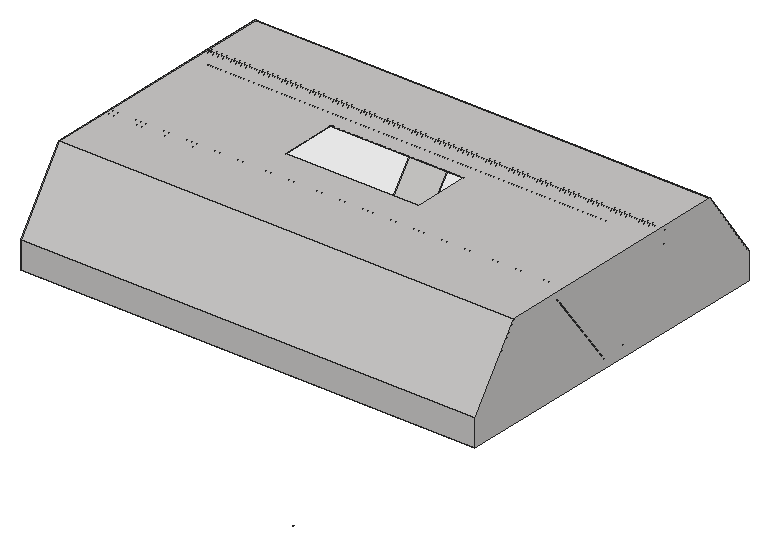
Revit family "QF_ELECTROLUXPROFESSIONAL_642359_BC1824DT", category Attrezzature speciali, Revit 2021
Family settings
  Quota connettore circolare = Usa diametro
  Tipo di parte = Normale
  Basato su piano di lavoro = No
  Sempre verticale = Sì
  Taglio con vuoti quando caricato = No
  Condiviso = No
  Punto di calcolo locali = No
Parameters (values of type "Standard")
  Weight = 82.00 kg
  Watts = 0 W
  Volts = 0 V
  URL Manufacturer = "https://www.electroluxprofessional.com/"
  URL = "https://www.electroluxprofessional.com/"
  Steam Supply Size = 0 mm
  Steam Supply Minimum Pressure = 0.0 Pa
  Steam Supply Maximum Pressure = 0.0 Pa
  Steam Consumption per Hour = 0
  Refrigeration Suction Line Size = 0 mm
  Refrigeration Liquid Line Size = 0 mm
  Refrigerant Compressor Remote = yes
  Prospetto di default = 0 mm
  Produttore = "Electrolux Professional"
  Phase = 0
  Modello = "BC1824DT"
  Length Actual = 2400 mm  # constant formula
  Item Number = "642359"
  Hot Water Size = 0 mm
  Height Actual = 500 mm  # constant formula
  HP = "0 HP"
  Gas Size = 0 mm
  Gas KW = 0
  Gas Input Pressure = 0 W
  Direct Waste Size = 0 mm
  Descrizione = "304 S/S ISLAND HOOD+FILTERS 2400X1800MM"
  Depth Actual = 1800 mm  # constant formula
  Cycle = 0 Hz
  Condensate Return Size = 0 mm
  Compressed Air Volume = 0.0 L/s
  Compressed Air Size = 0 mm
  Compressed Air Pressure = 0.0 Pa
  Cold Water Size = 0 mm
  Accessory = yes
Reference planes
  plane 1: z = 0
  plane 2 "Center (Left/Right)": x = 150
  plane 3 "LEFT": x = -1050
  plane 4 "RIGHT": x = 1350
  plane 5 "BACK": y = 550
  plane 6 "TOP": z = 2500
  plane 7 "Base": z = 2000
  plane 8: z = 1946
  plane 9: x = -1047
  plane 10 "DrainX": x = 1199
  plane 11 "AOLeft2": x = 450
  plane 12: x = 1347
  plane 13: x = -850
  plane 14: x = 1150
  plane 15: x = 50
  plane 16: x = 250
  plane 17 "AOLeft1": x = -250
  plane 18: y = -200
  plane 19: y = -500
  plane 20 "Center (Front/Back)": y = -350
  plane 21: y = -1250
  plane 22: through (0, -401.379, 2046.209) normal (0, 0.8019, 0.5974)
  plane 23: through (0, -298.621, 2046.209) normal (0, 0.8019, -0.5974)
  plane 24: z = 2140
Forms (mm)
  Extrusion 1, solid, material "QF_Finishes_Stainless Steel"
    sketch origin (-1050, 0, 360) x (0, 1, 0) y (0, 0, 1)
      loop
        line (550, 1640) -> (550, 1780) -> (299.446, 2140) -> (-999.446, 2140) -> (-1250, 1780) -> (-1250, 1640) -> (550, 1640)
    from 0 to 3
  Extrusion 2, solid, material "QF_Finishes_Stainless Steel"
    sketch origin (1350, 0, 360) x (0, 1, 0) y (0, 0, 1)
      loop
        line (550, 1640) -> (550, 1780) -> (299.446, 2140) -> (-999.446, 2140) -> (-1250, 1780) -> (-1250, 1640) -> (550, 1640)
    from 0 to -3
  Extrusion 3, solid, material "QF_Finishes_Stainless Steel"
    sketch origin (150, 0, 360) x (0, 1, 0) y (0, 0, 1)
      loop
        line (-999.446, 2140) -> (-1250, 1780) -> (-1250, 1640) -> (-1240, 1640) -> (-1240, 1640.8) -> (-1249.2, 1640.8) -> (-1249.2, 1779.739) -> (-999.025, 2139.19) -> (299.025, 2139.19) -> (549.2, 1779.739) -> (549.2, 1640.8) -> (540, 1640.8) -> (540, 1640) -> (550, 1640) -> (550, 1780) -> (299.446, 2140) -> (-999.446, 2140)
    from -1200 to 1200
  Extrusion 4, void
    sketch origin (0, 0, 2500) x (0, 1, 0) y (-1, 0, 0)
      loop
        line (-200, -450) -> (-200, 250) -> (-500, 250) -> (-500, -450) -> (-200, -450)
    from 0 to -10
  Extrusion 5, solid, material "QF_Finishes_Stainless Steel"
    sketch origin (0, 0, 0) x (1, 0, 0) y (0, 1, 0)
      loop
        line (-1050, 550) -> (-1050, 549) -> (-1049, 549) -> (-1049, 550) -> (-1050, 550)
    from 0 to 1
  Extrusion 6, solid, material "QF_Finishes_Stainless Steel"
    sketch origin (150, -400, 360) x (0, 1, 0) y (0, 0, 1)
      loop
        line (-298.883, 2085.553) -> (-1.379, 1686.209) -> (14.66, 1698.157) -> (-282.844, 2097.501) -> (-298.883, 2085.553)
      loop
        line (398.883, 2085.553) -> (382.844, 2097.501) -> (85.34, 1698.157) -> (101.379, 1686.209) -> (398.883, 2085.553)
    from -1000 to -1197
  Extrusion 7, solid, material "QF_Finishes_Stainless Steel"
    sketch origin (150, -400, 360) x (0, 1, 0) y (0, 0, 1)
      loop
        arc (116.056, 1704.554) -> (115.455, 1704.706) -> (114.923, 1704.389) r 0.81
        line (114.923, 1704.389) -> (100.465, 1684.991) -> (83.389, 1687.002) -> (86.391, 1712.615) -> (85.593, 1712.708) -> (82.594, 1687.095)
        arc (82.594, 1687.095) -> (82.763, 1686.499) -> (83.305, 1686.197) r 0.81
        line (83.305, 1686.197) -> (100.372, 1684.196)
        arc (100.372, 1684.196) -> (100.787, 1684.257) -> (101.116, 1684.517) r 0.81
        line (101.116, 1684.517) -> (115.564, 1703.911) -> (126.308, 1695.919) -> (100.145, 1660.79) -> (-0.145, 1660.79) -> (-26.308, 1695.919) -> (-15.564, 1703.911) -> (-1.116, 1684.517)
        arc (-1.116, 1684.517) -> (-0.787, 1684.257) -> (-0.372, 1684.196) r 0.81
        line (-0.372, 1684.196) -> (16.695, 1686.197)
        arc (16.695, 1686.197) -> (17.237, 1686.499) -> (17.406, 1687.095) r 0.81
        line (17.406, 1687.095) -> (14.407, 1712.708) -> (13.609, 1712.615) -> (16.611, 1687.002) -> (-0.465, 1684.991) -> (-14.923, 1704.389)
        arc (-14.923, 1704.389) -> (-15.455, 1704.706) -> (-16.056, 1704.554) r 0.81
        line (-16.056, 1704.554) -> (-26.786, 1696.561)
        arc (-26.786, 1696.561) -> (-27.103, 1696.028) -> (-26.951, 1695.427) r 0.81
        line (-26.951, 1695.427) -> (-0.843, 1660.381)
        arc (-0.843, 1660.381) -> (-0.5, 1660.093) -> (-0.063, 1659.99) r 0.972
        line (-0.063, 1659.99) -> (100.049, 1659.99)
        arc (100.049, 1659.99) -> (100.498, 1660.096) -> (100.851, 1660.393) r 1
        line (100.851, 1660.393) -> (126.951, 1695.427)
        arc (126.951, 1695.427) -> (127.103, 1696.028) -> (126.786, 1696.561) r 0.81
        line (126.786, 1696.561) -> (116.056, 1704.554)
      loop
        line (-292.735, 2139.19) -> (-292.735, 2129.205) -> (-317.587, 2110.686)
        arc (-317.587, 2110.686) -> (-317.904, 2110.153) -> (-317.752, 2109.552) r 0.81
        line (-317.752, 2109.552) -> (-284.894, 2065.446) -> (-295.625, 2057.438) -> (-295.147, 2056.796) -> (-284.418, 2064.79)
        arc (-284.418, 2064.79) -> (-284.1, 2065.322) -> (-284.252, 2065.923) r 0.81
        line (-284.252, 2065.923) -> (-317.117, 2110.038) -> (-291.935, 2128.798) -> (-291.935, 2138.4) -> (-262.776, 2138.4) -> (-262.776, 2070.563) -> (-261.976, 2069.49) -> (-261.976, 2139.19) -> (-292.735, 2139.19)
      loop
        line (392.735, 2139.19) -> (361.976, 2139.19) -> (361.976, 2069.49) -> (362.776, 2070.563) -> (362.776, 2138.4) -> (391.935, 2138.4) -> (391.935, 2128.798) -> (417.117, 2110.038) -> (384.252, 2065.923)
        arc (384.252, 2065.923) -> (384.1, 2065.322) -> (384.418, 2064.79) r 0.81
        line (384.418, 2064.79) -> (395.147, 2056.796) -> (395.625, 2057.438) -> (384.894, 2065.446) -> (417.752, 2109.552)
        arc (417.752, 2109.552) -> (417.904, 2110.153) -> (417.587, 2110.686) r 0.81
        line (417.587, 2110.686) -> (392.735, 2129.205) -> (392.735, 2139.19)
    from -1197 to 1197
  Extrusion 8, solid, material "QF_Finishes_Stainless Steel"
    sketch origin (150, -400, 360) x (0, 1, 0) y (0, 0, 1)
      loop
        line (-298.883, 2085.553) -> (-1.379, 1686.209) -> (14.66, 1698.157) -> (-282.844, 2097.501) -> (-298.883, 2085.553)
      loop
        line (398.883, 2085.553) -> (382.844, 2097.501) -> (85.34, 1698.157) -> (101.379, 1686.209) -> (398.883, 2085.553)
    from 1197 to 1000
  Extrusion 9, solid, material "QF_Finishes_Stainless Steel"
    sketch origin (150, -400, 360) x (0, 1, 0) y (0, 0, 1)
      loop
        line (-298.883, 2085.553) -> (-1.379, 1686.209) -> (14.66, 1698.157) -> (-282.844, 2097.501) -> (-298.883, 2085.553)
      loop
        line (398.883, 2085.553) -> (382.844, 2097.501) -> (85.34, 1698.157) -> (101.379, 1686.209) -> (398.883, 2085.553)
    from -100 to 100
  Extrusion 10, solid, material "QF_Finished_Chrome"
    sketch origin (150, -400, 360) x (0, 1, 0) y (0, 0, 1)
      loop
        line (-298.883, 2085.553) -> (-1.379, 1686.209) -> (14.66, 1698.157) -> (-282.844, 2097.501) -> (-298.883, 2085.553)
      loop
        line (398.883, 2085.553) -> (382.844, 2097.501) -> (85.34, 1698.157) -> (101.379, 1686.209) -> (398.883, 2085.553)
    from -1000 to -100
  Extrusion 11, solid, material "QF_Finished_Chrome"
    sketch origin (150, -400, 360) x (0, 1, 0) y (0, 0, 1)
      loop
        line (-298.883, 2085.553) -> (-1.379, 1686.209) -> (14.66, 1698.157) -> (-282.844, 2097.501) -> (-298.883, 2085.553)
      loop
        line (398.883, 2085.553) -> (382.844, 2097.501) -> (85.34, 1698.157) -> (101.379, 1686.209) -> (398.883, 2085.553)
    from 100 to 1000
  Sweep 12, solid, material "QF_Finishes_Stainless Steel"
    path origin (0, 0, 0) x (1, 0, 0) y (0, 1, 0)
      loop
        line (1350, 550) -> (-1050, 550) -> (-1050, -1250) -> (1350, -1250) -> (1350, 550)
    profile origin (1350, -350, 0) x (1, 0, 0) y (0, 0, 1)
      loop
        line (-3, 2000) -> (-3, 2000.8) -> (-19, 2000.8) -> (-19, 2010) -> (-20, 2010) -> (-20, 2000) -> (-3, 2000)
  Extrusion 13, solid, material "QF_Finishes_Stainless Steel"
    sketch origin (1199, 0, 0) x (0, 1, 0) y (0, 0, 1)
      loop
        arc (-318.5, 1946) -> (-311.429, 1948.929) -> (-308.5, 1956) r 10
        line (-308.5, 1956) -> (-308.5, 2000.8) -> (-391.5, 2000.8) -> (-391.5, 1956)
        arc (-391.5, 1956) -> (-388.571, 1948.929) -> (-381.5, 1946) r 10
        line (-381.5, 1946) -> (-318.5, 1946)
    from -90 to 90
  Extrusion 14, solid, material "QF_Finishes_Stainless Steel"
    sketch origin (0, -1100, 2000) x (0, 1, 0) y (-1, 0, 0)
      loop
        circle (750, -1199) r 6.35
    from -3.799 to 0
Cuts and joins
  Extrusion 4 cuts Extrusion 3
  joined: Extrusion 2, Extrusion 3, Sweep 12
Lines and regions (mm)
  symbolic lines, style "SpecialityEquipment", detail levels coarse
    curve 1: line (1350, 550, 2500) -> (-1050, 550, 2500)
    curve 2: line (-1050, 550, 2500) -> (-1050, -1250.8, 2500)
    curve 3: line (1350, -1250.8, 2500) -> (1350, 550, 2500)
    curve 4: line (-1050, 299.025, 0) -> (1349.504, -999.025, 0)
    curve 5: line (1349.568, 299.025, 0) -> (-1050, -999.025, 0)
  symbolic lines, detail levels coarse
    curve 6: line (-250, -500, 0) -> (450, -500, 0)
    curve 7: line (-250, -200, 0) -> (-250, -500, 0)
    curve 8: line (450, -200, 0) -> (-250, -200, 0)
    curve 9: line (450, -500, 0) -> (450, -200, 0)
    curve 10: line (-1050, 299.025, 0) -> (1349.568, 299.025, 0)
    curve 11: line (1349.504, -999.025, 0) -> (-1050, -999.025, 0)
    curve 12: line (1350, -1250, 0) -> (-1050, -1250, 0)
Dimensions and locks
  plane 3 "LEFT" to plane 4 "RIGHT" = 2400 mm
  equal spacing: plane 3 "LEFT", plane 2 "Center (Left/Right)", plane 4 "RIGHT"
  plane 3 "LEFT" to plane 9 = 3 mm
  plane 10 "DrainX" to plane 4 "RIGHT" = 151 mm
  plane 12 to plane 4 "RIGHT" = 3 mm
  plane 3 "LEFT" to plane 13 = 200 mm
  plane 14 to plane 4 "RIGHT" = 200 mm
  locked: plane 7 "Base" to level at 2000
  locked: plane 15 to plane 16 at 200
  equal spacing: plane 15, plane 2 "Center (Left/Right)", plane 16
  plane 7 "Base" to plane 8 = 54 mm
  locked: plane 6 "TOP" to plane 7 "Base" at 500
  plane 5 "BACK" to plane 21 = 1800 mm  (x2)
  equal spacing: plane 5 "BACK", plane 20 "Center (Front/Back)", plane 21
  plane 19 to plane 18 = 300 mm
  equal spacing: plane 19, plane 20 "Center (Front/Back)", plane 18
  plane 24 to plane 7 "Base" = 140 mm
  locked: plane 17 "AOLeft1" to plane 11 "AOLeft2" at 700
  aligned and locked: level to plane 1
  aligned and locked: plane 4 "RIGHT" to Extrusion 3
  aligned and locked: Extrusion 3 to plane 3 "LEFT"
  aligned and locked: Extrusion 6 to plane 9
  aligned and locked: plane 13 to Extrusion 6
  aligned and locked: Extrusion 2 to plane 12
  aligned and locked: plane 12 to Extrusion 8
  aligned and locked: Extrusion 8 to plane 14
  aligned and locked: plane 16 to Extrusion 9
  aligned and locked: Extrusion 9 to plane 15
  aligned and locked: plane 15 to Extrusion 10
  aligned and locked: Extrusion 10 to plane 13
  aligned and locked: Extrusion 11 to plane 16
  aligned and locked: Extrusion 11 to plane 14
  aligned and locked: Extrusion 7 to plane 9
  aligned and locked: plane 12 to Extrusion 7
  aligned and locked: Extrusion 4 to plane 17 "AOLeft1"
  aligned and locked: Extrusion 4 to plane 11 "AOLeft2"
  aligned and locked: plane 19 to Extrusion 4
  aligned and locked: plane 18 to Extrusion 4
Automatic sketch dimensions
  curve 2 to plane 3 "LEFT" = 0 mm
  curve 3 to plane 4 "RIGHT" = 0 mm
  curve 2 to plane 5 "BACK" = 0 mm
  Extrusion 4 sketch curve to plane 11 "AOLeft2" = 0 mm
  Extrusion 4 sketch curve to plane 17 "AOLeft1" = 0 mm
  Extrusion 5 sketch curve to plane 3 "LEFT" = 0 mm
  Extrusion 5 sketch curve to plane 5 "BACK" = 0 mm
  plane 3 "LEFT" to Extrusion 5 sketch curve = 1 mm
  Extrusion 5 sketch curve to Extrusion 5 sketch curve = 1 mm
  Sweep 12 sketch curve to plane 3 "LEFT" = 0 mm
  Sweep 12 sketch curve to plane 4 "RIGHT" = 0 mm
  Sweep 12 sketch curve to plane 5 "BACK" = 0 mm
  profile plane to Sweep 12 sketch curve = 20 mm
  Sweep 12 sketch curve to Sweep 12 sketch curve = 1 mm
  profile plane to Sweep 12 sketch curve = 3 mm
  level to Sweep 12 sketch curve = 2000 mm
  Sweep 12 sketch curve to Sweep 12 sketch curve = 0.8 mm
  Sweep 12 sketch curve to Sweep 12 sketch curve = 9.2 mm
  plane 19 to curve 3 = 750.8 mm
  plane 19 to curve 2 = 750.8 mm
  plane 19 to Sweep 12 sketch curve = 750 mm
  plane 19 to Extrusion 4 sketch curve = 0 mm
  Extrusion 4 sketch curve to plane 18 = 0 mm
  Extrusion 14 sketch curve to plane 10 "DrainX" = 0 mm
  Extrusion 14 sketch curve to plane 20 "Center (Front/Back)" = 0 mm
  Extrusion 13 sketch curve to plane 8 = 0 mm
  plane 8 to Extrusion 13 sketch curve = 10 mm
  Extrusion 13 sketch curve to plane 20 "Center (Front/Back)" = 41.5 mm
  plane 20 "Center (Front/Back)" to Extrusion 13 sketch curve = 31.5 mm
  plane 7 "Base" to Extrusion 13 sketch curve = 0.8 mm
  plane 20 "Center (Front/Back)" to Extrusion 13 sketch curve = 41.5 mm
  plane 19 to Extrusion 6 sketch curve = 198.883 mm
  Extrusion 6 sketch curve to plane 6 "TOP" = 42.499 mm  (x2)
  Extrusion 6 sketch curve to Extrusion 6 sketch curve = 16.039 mm  (x2)
  Extrusion 6 sketch curve to plane 20 "Center (Front/Back)" = 51.379 mm
  plane 20 "Center (Front/Back)" to Extrusion 6 sketch curve = 35.34 mm
  plane 18 to Extrusion 6 sketch curve = 182.844 mm
  Extrusion 6 sketch curve to Extrusion 6 sketch curve = 11.948 mm  (x2)
  Extrusion 7 sketch curve to plane 6 "TOP" = 30.448 mm  (x2)
  plane 19 to Extrusion 7 sketch curve = 217.752 mm
  Extrusion 7 sketch curve to plane 6 "TOP" = 29.314 mm  (x2)
  Extrusion 7 sketch curve to Extrusion 7 sketch curve = 0.166 mm  (x3)
  Extrusion 7 sketch curve to plane 6 "TOP" = 29.962 mm  (x2)
  Extrusion 7 sketch curve to Extrusion 7 sketch curve = 0.47 mm  (x2)
  Extrusion 7 sketch curve to Extrusion 7 sketch curve = 0.014 mm  (x2)
  Extrusion 7 sketch curve to plane 6 "TOP" = 82.562 mm  (x2)
  Extrusion 7 sketch curve to Extrusion 7 sketch curve = 22.127 mm
  Extrusion 7 sketch curve to plane 6 "TOP" = 83.204 mm  (x2)
  Extrusion 7 sketch curve to Extrusion 7 sketch curve = 0.478 mm  (x5)
  Extrusion 7 sketch curve to plane 6 "TOP" = 0.81 mm  (x2)
  Extrusion 7 sketch curve to Extrusion 7 sketch curve = 24.852 mm
  Extrusion 7 sketch curve to Extrusion 7 sketch curve = 0.8 mm  (x5)
  Extrusion 7 sketch curve to Extrusion 7 sketch curve = 10.724 mm
  Extrusion 7 sketch curve to plane 6 "TOP" = 74.554 mm  (x2)
  Extrusion 7 sketch curve to Extrusion 7 sketch curve = 0.008 mm  (x6)
  Extrusion 7 sketch curve to plane 6 "TOP" = 75.21 mm  (x2)
  Extrusion 7 sketch curve to plane 6 "TOP" = 74.077 mm  (x2)
  Extrusion 7 sketch curve to Extrusion 7 sketch curve = 0.642 mm  (x2)
  Extrusion 7 sketch curve to plane 6 "TOP" = 69.437 mm  (x2)
  Extrusion 7 sketch curve to Extrusion 7 sketch curve = 21.476 mm  (x2)
  Extrusion 7 sketch curve to plane 19 = 73.049 mm
  Extrusion 7 sketch curve to Extrusion 7 sketch curve = 0.006 mm  (x4)
  Extrusion 7 sketch curve to Extrusion 7 sketch curve = 10.73 mm  (x3)
  Extrusion 7 sketch curve to Extrusion 7 sketch curve = 0.484 mm  (x4)
  Extrusion 7 sketch curve to Extrusion 7 sketch curve = 0.641 mm  (x2)
  Extrusion 7 sketch curve to Extrusion 7 sketch curve = 14.448 mm
  plane 7 "Base" to Extrusion 7 sketch curve = 20.381 mm
  Extrusion 7 sketch curve to Extrusion 7 sketch curve = 0.273 mm
  Extrusion 7 sketch curve to Extrusion 7 sketch curve = 0.65 mm  (x2)
  Extrusion 7 sketch curve to Extrusion 7 sketch curve = 0.001 mm  (x4)
  Extrusion 7 sketch curve to Extrusion 7 sketch curve = 0.093 mm  (x2)
  plane 7 "Base" to Extrusion 7 sketch curve = 20.79 mm
  Extrusion 7 sketch curve to Extrusion 7 sketch curve = 0.698 mm
  Extrusion 7 sketch curve to Extrusion 7 sketch curve = 0.081 mm
  Extrusion 7 sketch curve to Extrusion 7 sketch curve = 28.531 mm
  Extrusion 7 sketch curve to Extrusion 7 sketch curve = 0.799 mm  (x2)
  Extrusion 7 sketch curve to Extrusion 7 sketch curve = 17.067 mm  (x2)
  Extrusion 7 sketch curve to Extrusion 7 sketch curve = 0.01 mm  (x4)
  Extrusion 7 sketch curve to Extrusion 7 sketch curve = 0.094 mm
  Extrusion 7 sketch curve to Extrusion 7 sketch curve = 0.795 mm  (x2)
  plane 20 "Center (Front/Back)" to Extrusion 7 sketch curve = 32.594 mm
  Extrusion 7 sketch curve to Extrusion 7 sketch curve = 0.71 mm
  Extrusion 7 sketch curve to Extrusion 7 sketch curve = 2.998 mm
  Extrusion 7 sketch curve to Extrusion 7 sketch curve = 16.745 mm
  Extrusion 7 sketch curve to Extrusion 7 sketch curve = 0.095 mm
  plane 7 "Base" to Extrusion 7 sketch curve = 20.393 mm
  Extrusion 7 sketch curve to Extrusion 7 sketch curve = 0.707 mm
  Extrusion 7 sketch curve to Extrusion 7 sketch curve = 0.651 mm
  Extrusion 7 sketch curve to Extrusion 7 sketch curve = 14.456 mm
  Extrusion 7 sketch curve to plane 6 "TOP" = 70.51 mm  (x2)
  plane 18 to Extrusion 7 sketch curve = 161.976 mm
  Extrusion 7 sketch curve to plane 6 "TOP" = 1.6 mm
  Extrusion 7 sketch curve to Extrusion 7 sketch curve = 29.159 mm
  Extrusion 7 sketch curve to Extrusion 7 sketch curve = 24.368 mm
  Extrusion 7 sketch curve to Extrusion 7 sketch curve = 0.636 mm
  Extrusion 7 sketch curve to Extrusion 7 sketch curve = 23.206 mm
  Extrusion 7 sketch curve to Extrusion 7 sketch curve = 23.234 mm
  Extrusion 7 sketch curve to Extrusion 7 sketch curve = 0.321 mm  (x2)
  Extrusion 7 sketch curve to Extrusion 7 sketch curve = 2.001 mm  (x2)
  Extrusion 7 sketch curve to Extrusion 7 sketch curve = 0.804 mm  (x2)
  Extrusion 7 sketch curve to Extrusion 7 sketch curve = 10.911 mm  (x2)
  Extrusion 7 sketch curve to Extrusion 7 sketch curve = 7.993 mm  (x2)
  Extrusion 7 sketch curve to Extrusion 7 sketch curve = 25.613 mm  (x2)
  Extrusion 7 sketch curve to Extrusion 7 sketch curve = 0.407 mm  (x2)
  Extrusion 7 sketch curve to Extrusion 7 sketch curve = 0.79 mm
  Extrusion 3 sketch curve to plane 7 "Base" = 0 mm  (x2)
  Extrusion 3 sketch curve to plane 21 = 0 mm
  Extrusion 3 sketch curve to plane 5 "BACK" = 0 mm
  plane 21 to Extrusion 3 sketch curve = 0.8 mm
  plane 7 "Base" to Extrusion 3 sketch curve = 0.8 mm  (x2)
  Extrusion 3 sketch curve to Extrusion 3 sketch curve = 9.2 mm
  plane 21 to Extrusion 3 sketch curve = 250.554 mm
  Extrusion 3 sketch curve to Extrusion 3 sketch curve = 0.421 mm  (x2)
  Extrusion 3 sketch curve to plane 6 "TOP" = 0.81 mm
  Extrusion 3 sketch curve to plane 5 "BACK" = 250.975 mm
  Extrusion 3 sketch curve to plane 5 "BACK" = 10 mm
  Extrusion 3 sketch curve to plane 5 "BACK" = 0.8 mm
  Extrusion 3 sketch curve to Extrusion 3 sketch curve = 138.939 mm  (x2)
  Extrusion 3 sketch curve to Extrusion 3 sketch curve = 0.261 mm  (x2)
  Extrusion 3 sketch curve to plane 6 "TOP" = 0 mm
  Extrusion 1 sketch curve to plane 7 "Base" = 0 mm
  Extrusion 1 sketch curve to plane 21 = 0 mm
  Extrusion 1 sketch curve to plane 6 "TOP" = 0 mm
  Extrusion 1 sketch curve to plane 5 "BACK" = 0 mm
  Extrusion 1 sketch curve to plane 5 "BACK" = 250.554 mm
  plane 7 "Base" to Extrusion 1 sketch curve = 140 mm
  Extrusion 1 sketch curve to Extrusion 1 sketch curve = 140 mm
  plane 21 to Extrusion 1 sketch curve = 250.554 mm
  plane 19 to Extrusion 10 sketch curve = 198.883 mm
  Extrusion 10 sketch curve to plane 6 "TOP" = 42.499 mm  (x2)
  Extrusion 10 sketch curve to Extrusion 10 sketch curve = 16.039 mm  (x2)
  Extrusion 10 sketch curve to plane 20 "Center (Front/Back)" = 51.379 mm
  plane 20 "Center (Front/Back)" to Extrusion 10 sketch curve = 35.34 mm
  plane 18 to Extrusion 10 sketch curve = 182.844 mm
  Extrusion 10 sketch curve to Extrusion 10 sketch curve = 11.948 mm  (x2)
  plane 19 to Extrusion 9 sketch curve = 198.883 mm
  Extrusion 9 sketch curve to plane 6 "TOP" = 42.499 mm  (x2)
  Extrusion 9 sketch curve to Extrusion 9 sketch curve = 16.039 mm  (x2)
  Extrusion 9 sketch curve to plane 20 "Center (Front/Back)" = 51.379 mm
  plane 20 "Center (Front/Back)" to Extrusion 9 sketch curve = 35.34 mm
  plane 18 to Extrusion 9 sketch curve = 182.844 mm
  Extrusion 9 sketch curve to Extrusion 9 sketch curve = 11.948 mm  (x2)
  plane 19 to Extrusion 11 sketch curve = 198.883 mm
  Extrusion 11 sketch curve to plane 6 "TOP" = 42.499 mm  (x2)
  Extrusion 11 sketch curve to Extrusion 11 sketch curve = 16.039 mm  (x2)
  Extrusion 11 sketch curve to plane 20 "Center (Front/Back)" = 51.379 mm
  plane 20 "Center (Front/Back)" to Extrusion 11 sketch curve = 35.34 mm
  plane 18 to Extrusion 11 sketch curve = 182.844 mm
  Extrusion 11 sketch curve to Extrusion 11 sketch curve = 11.948 mm  (x2)
  plane 19 to Extrusion 8 sketch curve = 198.883 mm
  Extrusion 8 sketch curve to plane 6 "TOP" = 42.499 mm  (x2)
  Extrusion 8 sketch curve to Extrusion 8 sketch curve = 16.039 mm  (x2)
  Extrusion 8 sketch curve to plane 20 "Center (Front/Back)" = 51.379 mm
  plane 20 "Center (Front/Back)" to Extrusion 8 sketch curve = 35.34 mm
  plane 18 to Extrusion 8 sketch curve = 182.844 mm
  Extrusion 8 sketch curve to Extrusion 8 sketch curve = 11.948 mm  (x2)
  Extrusion 2 sketch curve to plane 7 "Base" = 0 mm
  Extrusion 2 sketch curve to plane 21 = 0 mm
  Extrusion 2 sketch curve to plane 5 "BACK" = 0 mm
  Extrusion 2 sketch curve to plane 24 = 0 mm  (x2)
  Extrusion 2 sketch curve to plane 5 "BACK" = 250.554 mm
  plane 21 to Extrusion 2 sketch curve = 250.554 mm
  Extrusion 2 sketch curve to plane 6 "TOP" = 0 mm
  curve 4 to plane 3 "LEFT" = 0 mm
  curve 11 to plane 3 "LEFT" = 0 mm
  curve 12 to plane 3 "LEFT" = 0 mm
  curve 7 to plane 17 "AOLeft1" = 0 mm
  curve 8 to plane 11 "AOLeft2" = 0 mm
  curve 12 to plane 4 "RIGHT" = 0 mm
  curve 12 to plane 21 = 0 mm
  plane 19 to curve 6 = 0 mm
  curve 9 to plane 18 = 0 mm
  curve 11 to plane 4 "RIGHT" = 0.496 mm
  curve 10 to plane 4 "RIGHT" = 0.432 mm
  plane 21 to curve 4 = 250.975 mm
  curve 10 to plane 5 "BACK" = 250.975 mm
  radius of Extrusion 14 sketch curve = 6.35 mm
Connectors
  hvac at (100, -350, 2500)
    settings: on Extrusion 4, index 2, duct flow 0.0 L/s, flow factor 0, pres drop 0.0 Pa, loss coef 0, conn angle 0.00°, conn width 300 mm, conn height 0 mm, conn diameter 609.6 mm, duct sys type 3, conn prof type 1, flow config 1, flow direction 2, loss method 0, conn ref index -1, conn util no, is conn primary yes, conn desc "EXHAUST OUTLET"
  piping at (1199, -350, 1996.201), diameter 12.7
    settings: on Extrusion 14, index 4, connector inside diameter 609.6 mm, connector length 0 mm, flow factor 0, pipe flow 0.0 L/s, pressure drop 0.0 Pa, fitting loss kfactor 0, connector angle 0.00°, fixture units 0, engagement length 0 mm, angle of deflection 0.00°, flow configuration 1, flow direction 2, fitting loss method 0, system type 16, joint type 0, gender type 0, connector reference index -1, connector utility 0, adjustable connector no, is connector primary yes, connector description "Drain"
